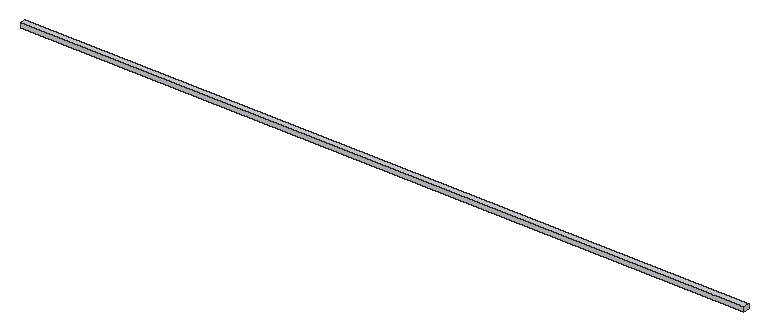
Revit family "ECO BRILLOSA 2835 IP20_S12608.U", category Luminarias, Revit 2019
Family settings
  Cota de conector redondo = Diámetro de uso
  Tipo de pieza = Normal
  Se basa en plano de trabajo = Sí
  Siempre vertical = No
  Corte con vacíos al cargar = No
  Origen de luz = Sí
  Compartido = No
  Punto de cálculo de habitación = No
Parameters (values of type "ECO BRILLOSA 2835 IP20_S12608.U")
  Tilt Angle = 60.00°
  Zone [instance] = ""
  Watt per fixture [instance] = (Longitud / 1000 mm) * (4.8)  # 4.8
  Wattage = 4.8 W
  built-in parameter 1150107 = 2700 (stored number, unit not read)
  built-in parameter 1150110 = 1 (stored number, unit not read)
  built-in parameter 1150109 = 1 (stored number, unit not read)
  built-in parameter 1150112 = 1 (stored number, unit not read)
  built-in parameter 1150113 = 1 (stored number, unit not read)
  built-in parameter 1114218 = 1 (stored number, unit not read)
  built-in parameter 1150142 = "IESNA:LM-63-1995\r\n[TEST]  \r\n[DATE] 2019/06/20\r\n[MANUFAC] BRILLANTE ILUMINACIÓN\r\n[LUMCAT] \r\n[LUMINAIRE] ECOBRILLOSA 2216 IP20\r\n[LAMPCAT] S242210.U.1\r\n[LAMP]ECOBRILLOSA 2216 IP20 2400°K\r\n[BALLASTCAT] \r\n[BALLAST] \r\n[OTHER]  \r\n[More] Temprature:25 Humidity:40\r\n[More] Frequency:DC Voltage:24.0 Current:0.64 Power:15.36 PF:0.000\r\nTILT=NONE\r\n1 1278.500 1.000 13 13 2 2 0.01 1.0 0.01\r\n1.0 1.0 15.36\r\n-90.0 -75.0 -60.0 -45.0 -30.0 -15.0 0.0 15.0 30.0 45.0 60.0 75.0 90.0\r\n-90.0 -75.0 -60.0 -45.0 -30.0 -15.0 0.0 15.0 30.0 45.0 60.0 75.0 90.0\r\n1.863 1.863 1.863 1.863 1.863 1.863 1.863 1.863 1.863 1.863 1.863 1.863 1.863\r\n2.998 12.988 31.009 50.103 65.736 75.944 79.400 75.640 65.191 49.387 30.721 12.827 1.652\r\n3.584 31.439 75.864 121.205 157.942 181.233 189.240 181.485 158.558 122.259 76.955 32.930 1.634\r\n4.845 51.949 124.092 191.845 243.502 275.235 285.248 273.301 240.146 187.594 119.905 49.141 1.619\r\n4.658 65.264 158.538 242.182 306.036 345.576 358.928 345.287 305.624 242.350 159.597 67.471 1.579\r\n4.565 79.762 185.904 278.436 348.330 391.342 404.744 388.136 342.746 271.496 179.168 74.843 1.633\r\n4.415 80.336 190.388 286.631 360.081 405.748 420.932 405.047 358.942 286.085 191.021 82.566 1.623\r\n5.027 81.012 187.264 279.784 349.595 392.546 405.929 389.359 343.950 272.826 180.529 76.131 1.614\r\n5.553 67.570 160.849 244.441 308.186 347.619 360.869 347.247 307.713 244.563 162.006 69.712 1.638\r\n5.892 54.805 127.302 194.875 246.335 277.891 287.803 275.952 243.009 190.800 123.464 51.899 1.642\r\n5.871 34.505 79.217 124.693 161.269 184.299 192.206 184.610 161.904 125.727 80.538 35.798 1.601\r\n4.527 15.995 34.521 53.494 69.086 79.215 82.671 78.961 68.572 52.830 34.011 15.626 1.616\r\n1.863 1.863 1.863 1.863 1.863 1.863 1.863 1.863 1.863 1.863 1.863 1.863 1.863\r\n"
  built-in parameter 1150137 = (empty or 0)
  built-in parameter 1150132 = (empty or 0)
  Modelo = "S12608.U"
  Lámpara = "2835 SMD"
  Longitud de línea de emisión = 600 mm
  Longitud [instance] = 1000 mm
  built-in parameter 1150105 = 35.523 (stored number, unit not read)
  built-in parameter 1150102 = (empty or 0)
  built-in parameter 1150106 = 0.35523 (stored number, unit not read)
  Lumens = 446.4 lm
  Color Filter = 16777215
  built-in parameter 1114217 = 1 (stored number, unit not read)
  built-in parameter 1150139 = (empty or 0)
  Fabricante = "BRILLANT"
  Default Elevation = 0 mm
  built-in parameter 1150104 = 8.64 (stored number, unit not read)
  Descripción = "TIRA LED ECOBRILLOSA 8MM DE ANCHO IP20 USO PARA INTERIORES, DE PCB BLANCO SIN RECUBRIMIENTO, MONO CROMATICA, CON UNA POTENCIA DE 4.8W/M DE UN TIPO DE LED 2835 SMD, IRC80, 60 LEDS POR METRO, PRESENTACION DE 5M, TEMPERATURA EN BLANCO ULTRA CALIDO 2700K, 450 LUMENES POR METRO, EFICIENCIA DE 93 LM/W, CORTE A 5CM, ALIMENTADA A 12V, REQUIERE ACCESORIOS COMO FUENTE DE PODER Y CABLE DE ALIMENTACION. PERFIL EN CASO DE SER NECESARIO."
  built-in parameter 1150115 = 1 (stored number, unit not read)
  built-in parameter 1150114 = 1 (stored number, unit not read)
  Cost = 0
  Comentarios de vataje = "12V"
  built-in parameter 1150138 = (empty or 0)
  built-in parameter 1150134 = (empty or 0)
  Circuit [instance] = ""
  Dimming Lamp Color Temperature Shift = (empty or 0)
  Archivo de red fotométrica = "S242210.U.1 IES.IES"
  Ancho = 8 mm
  built-in parameter 1150133 = 10 (stored number, unit not read)
Reference planes
  plane 1 "Centro (Frontal/Posterior)": y = 0
  plane 2: z = 0
  plane 3 "Centro (Izquierda/Derecha)": x = 0
  plane 4: x = 0
  plane 5: z = 12
  plane 6: x = -1000
  plane 7: y = 4
  plane 8: y = -4
Forms (mm)
  Extrusion 1, solid
    sketch origin (0, 0, 0) x (1, 0, 0) y (0, 1, 0)
      loop
        line (-1000, 4) -> (-1000, -4) -> (0, -4) -> (0, 4) -> (-1000, 4)
    from 0 to 6.038
Dimensions and locks
  "Longitud": plane 6 to plane 4
  equal spacing: plane 7, plane 1 "Centro (Frontal/Posterior)", plane 8
  plane 1 "Centro (Frontal/Posterior)" to plane 7 = 4 mm
  "Ancho": plane 7 to plane 8
  "Longitud": plane 6 to plane 3 "Centro (Izquierda/Derecha)"
  aligned and locked: level to plane 2
  aligned and locked: Extrusion 1 to plane 4
  aligned and locked: plane 6 to Extrusion 1
  aligned and locked: plane 3 "Centro (Izquierda/Derecha)" to Extrusion 1
  aligned and locked: Extrusion 1 to plane 7
  aligned and locked: Extrusion 1 to plane 8
Automatic sketch dimensions
  Extrusion 1 sketch curve to plane 6 = 0 mm
  Extrusion 1 sketch curve to plane 3 "Centro (Izquierda/Derecha)" = 0 mm
  plane 1 "Centro (Frontal/Posterior)" to Extrusion 1 sketch curve = 4 mm
  Extrusion 1 sketch curve to plane 1 "Centro (Frontal/Posterior)" = 4 mm
Connectors
  electrical at (0, 0, 3.019)
    settings: on Extrusion 1, index 1, voltage 12 V, apparent load 0 VA, apparent load phase1 0 VA, apparent load phase2 0 VA, apparent load phase3 0 VA, power factor 1, load classification "Otro", number of poles 1, system type 31, power factor state 1, is connector primary yes, connector utility no, sub classification motor no, connector description ""
